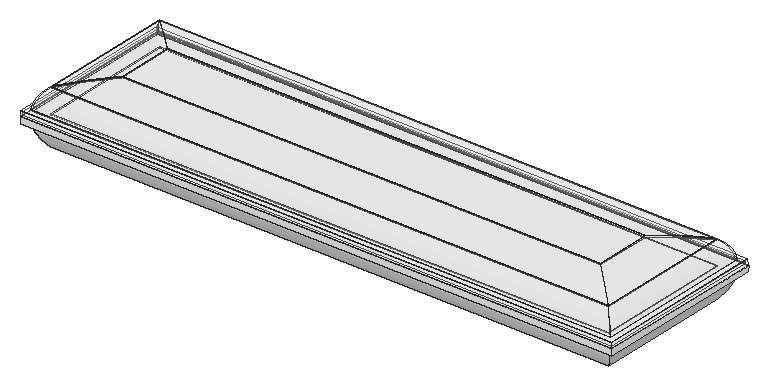
Revit family "LXEW", category Lighting Fixtures, host Face, Revit 2021
Family settings
  Host = Face
  Round Connector Dimension = Use Diameter
  Part Type = Normal
  OmniClass Number = 23.80.70.11
  OmniClass Title = Luminaries for Internal Lighting
  Cut with Voids When Loaded = No
  Light Source = Yes
  Shared = Yes
  Room Calculation Point = No
Parameters (values of type "LXEW4-40H-N-FA-EU")
  Nominal Watts = 225 W
  Wattage = 225 W
  built-in parameter 1150110 = 1 (stored number, unit not read)
  Voltage = 120 V
  Wattage Comments = ""
  URL = "https://www.currentlighting.com/columbia"
  built-in parameter 1114217 = 1 (stored number, unit not read)
  Tilt Angle = -90.00°
  built-in parameter 1150109 = 1 (stored number, unit not read)
  built-in parameter 1150134 = 12
  built-in parameter 1150113 = 1 (stored number, unit not read)
  Product Page URL = ""
  Product Documentation Link = ""
  Photometric Web File = "LXEW4-40H-N-FA-EU.ies"
  Model = "LXEW"  # constant formula
  Manufacturer = "Columbia Lighting"  # constant formula
  Row Length = 4.00 ft
  built-in parameter 1150105 = 1772.6 (stored number, unit not read)
  Lumens = 22275 lm
  built-in parameter 1150115 = 1 (stored number, unit not read)
  Lumen Output = "High Lumen"
  built-in parameter 1150137 = (empty or 0)
  built-in parameter 1150139 = (empty or 0)
  Lens = "Frost Impact Resistant Acrylic (std.)"
  built-in parameter 1150112 = 1 (stored number, unit not read)
  built-in parameter 1150114 = 1 (stored number, unit not read)
  Lamp = "LED Lamp"
  built-in parameter 1150132 = (empty or 0)
  built-in parameter 1150102 = (empty or 0)
  built-in parameter 1150107 = 4000 (stored number, unit not read)
  built-in parameter 1150138 = (empty or 0)
  built-in parameter 1150106 = 17.726 (stored number, unit not read)
  Glass = White Glass
  Emit from Line Length = 2.00 ft
  built-in parameter 1150104 = 9.1974 (stored number, unit not read)
  Driver = "Fixed Output"
  Distribution = "Narrow Distribution"
  Dimming Lamp Color Temperature Shift = <None>
  Description = "LXEW Wide-Body Enclosed and Gasketed is as practical as it is flexible with high efficacy LED for low maintenance and energy savings"  # constant formula
  Default Elevation = 4.00 ft
  Color Filter = 16777215
  built-in parameter 1114218 = 1 (stored number, unit not read)
  Backbox = White
  built-in parameter 1150133 = 10 (stored number, unit not read)
  Apparent Load = 0 VA
Types (3, lengths in ft): name | Photometric Web File | Distribution
  (no name) | "LXEW4-40H-N-FA-EU.ies" | "Narrow Distribution"
  LXEW4-40H-N-FA-EU | "LXEW4-40H-N-FA-EU.ies" | "Narrow Distribution"
  LXEW4-40H-W-FA-EU | "LXEW4-40H-W-FA-EU.ies" | "Wide Distribution"
Reference planes (ft)
  plane 1 "Center (Front/Back)": y = 0.003333
  plane 2: z = 0
  plane 3 "Center (Left/Right)": x = 0.13912
  plane 4: x = -1.86088
  plane 5: x = 2.13912
Dimensions and locks (ft)
  equal spacing: plane 5, plane 3 "Center (Left/Right)", plane 4
  "Row Length": plane 5 to plane 4
  aligned and locked: plane 2 to host face
  aligned and locked: level to host face
  aligned and locked: plane 3 "Center (Left/Right)" to nested 1
  aligned and locked: plane 4 to nested 1
  aligned and locked: plane 5 to nested 1
  aligned and locked: plane 1 "Center (Front/Back)" to nested 1
  aligned and locked: imposter light to nested 1
  aligned and locked: imposter light to plane 1 "Center (Front/Back)"
  aligned and locked: plane 3 "Center (Left/Right)" to imposter light
Automatic sketch dimensions
  host sketch curve to host sketch curve = 8.00 ft  (x2)
Nested families (ft)
  nested 1: "Industrial Enclosed & Gasketed LED High Bay" at (0.309759, 0, 0), Row Length <- "Row Length", Glass <- "Glass", Backbox <- "Backbox", type "Industrial Enclosed & Gasketed LED High Bay"
    with Row Length 4.00 ft, Glass White Glass, Backbox White
Connectors (ft)
  electrical at (0.13912, 0.003333, 0), driven by "Voltage", driven by "Description"
    settings: on nested 1, index 1, voltage 120 V, apparent load 0 VA, apparent load phase1 0 VA, apparent load phase2 0 VA, apparent load phase3 0 VA, power factor 1, load classification "Other", number of poles 1, system type 30, power factor state 1, is connector primary yes, connector utility no, sub classification motor no, connector description "LXEW Wide-Body Enclosed and Gasketed is as practical as it is flexible with high efficacy LED for low maintenance and energy savings"
Definition of nested family "Industrial Enclosed & Gasketed LED High Bay"
  Parameters
    Wattage Comments = ""
    URL = ""
    Row Length [instance] = 4.00 ft
    Product Page URL = ""
    Product Documentation Link = ""
    Model = ""
    Manufacturer Phone = "(864)-678-1000"  # constant formula
    Manufacturer Fax = "(866)-898-1065"  # constant formula
    Manufacturer = ""
    Lamp = ""
    Glass [instance] = none
    Description = ""
    Default Elevation = 4.00 ft
    Backbox [instance] = none
  Reference planes (ft)
    plane 1 "Center (Front/Back)": y = 0.003333
    plane 2: z = 0
    plane 3 "Center (Left/Right)": x = -0.170639
    plane 4: x = -2.337306
    plane 5: x = 1.996027
    plane 6: y = 0.628333
    plane 7: y = -0.621667
    plane 8: z = 0.5
    plane 9: z = 0.270833
    plane 10: y = 0.586666
    plane 11: y = -0.580001
    plane 12: y = 0.503333
    plane 13: y = -0.496667
    plane 14: x = -2.170639
    plane 15: x = 1.829361
    plane 16: z = 0.458333
    plane 17: z = 0.3125
    plane 18: y = 0.211666
    plane 19: z = 0.491667
    plane 20: z = 0.0625
    plane 21: y = -0.205001
    plane 22: z = 0.229167
  Forms (ft)
    Extrusion 1, solid
      sketch origin (0, 0, 0.005297) x (1, 0, 0) y (0, 1, 0)
        loop
          line (-4, 4) -> (-4, -4) -> (4, -4) -> (4, 4) -> (-4, 4)
      from -0.005297 to -1.478638
    Sweep 2, solid, material <- "Glass"
      path origin (0, 1.902299, 0.270833) x (0, 1, 0) y (-1, 0, 0)
        loop
          line (-1.273966, 2.337306) -> (-2.523966, 2.337306) -> (-2.523966, -1.996027) -> (-1.273966, -1.996027) -> (-1.273966, 2.337306)
      profile origin (-0.170639, 0.628333, 0.270833) x (0, 1, 0) y (0, 0, 1)
        loop
          line (0, 0) -> (0, 0.041667) -> (-0.041667, 0.041667)
          arc (-0.041667, 0.041667) -> (-0.068072, 0.123304) -> (-0.125, 0.1875) r 0.209421
          arc (-0.125, 0.1875) -> (-0.269717, 0.216026) -> (-0.416667, 0.228782) r 1.366082
          line (-0.416667, 0.228782) -> (-0.416667, 0.220445)
          arc (-0.416667, 0.220445) -> (-0.26984, 0.207626) -> (-0.125267, 0.178969) r 1.357749
          arc (-0.125267, 0.178969) -> (-0.072265, 0.114134) -> (-0.050268, 0.033333) r 0.201087
          line (-0.050268, 0.033333) -> (-0.008333, 0.033333) -> (-0.008333, 0.008333) -> (-0.125, 0.008333) -> (-0.125, 0) -> (0, 0)
    Extrusion 3, solid, material <- "Glass"
      sketch origin (0, 1.902299, 0.270833) x (0, 1, 0) y (-1, 0, 0)
        loop
          line (-1.690633, 1.920639) -> (-2.1073, 1.920639) -> (-2.1073, -1.579361) -> (-1.690633, -1.579361) -> (-1.690633, 1.920639)
      from 0.220445 to 0.228782
    Sweep 4, solid, material <- "Backbox"
      path origin (0, 1.902299, 0.270833) x (0, 1, 0) y (-1, 0, 0)
        loop
          line (-1.273966, 2.337306) -> (-2.523966, 2.337306) -> (-2.523966, -1.996027) -> (-1.273966, -1.996027) -> (-1.273966, 2.337306)
      profile origin (-0.170639, 0.628333, 0.270833) x (0, 1, 0) y (0, 0, 1)
        loop
          line (0, 0) -> (-0.416667, 0) -> (-0.416667, -0.270833)
          arc (-0.416667, -0.270833) -> (-0.267222, -0.256438) -> (-0.125, -0.208333) r 0.653863
          arc (-0.125, -0.208333) -> (-0.070945, -0.131194) -> (-0.041667, -0.041667) r 0.320294
          line (-0.041667, -0.041667) -> (0, -0.041667) -> (0, 0)
    Extrusion 5, solid, material <- "Backbox"
      sketch origin (0, 1.902299, 0.270833) x (0, 1, 0) y (-1, 0, 0)
        loop
          line (-1.690633, 1.920639) -> (-2.1073, 1.920639) -> (-2.1073, -1.579361) -> (-1.690633, -1.579361) -> (-1.690633, 1.920639)
      from -0.270833 to 0
  Cuts and joins
    joined: Sweep 2, Extrusion 3
    joined: Sweep 4, Extrusion 5
  Dimensions and locks (ft)
    equal spacing: plane 5, plane 3 "Center (Left/Right)", plane 4
    equal spacing: plane 6, plane 1 "Center (Front/Back)", plane 7
    locked: plane 6 to plane 7 at 1.25
    locked: plane 9 to plane 2 at 0.270833
    locked: plane 8 to plane 2 at 0.5
    equal spacing: plane 10, plane 1 "Center (Front/Back)", plane 11
    locked: plane 6 to plane 10 at 0.041667
    locked: plane 10 to plane 12 at 0.083333
    equal spacing: plane 12, plane 1 "Center (Front/Back)", plane 13
    locked: plane 14 to plane 4 at 0.166667
    equal spacing: plane 15, plane 3 "Center (Left/Right)", plane 14
    locked: plane 17 to plane 9 at 0.041667
    locked: plane 8 to plane 16 at 0.041667
    locked: plane 18 to plane 1 "Center (Front/Back)" at 0.208333
    locked: plane 10 to Sweep 2 sketch curve at 0.0836
    locked: plane 17 to Sweep 2 sketch curve at 0.008333
    locked: plane 10 to Sweep 2 sketch curve at 0.008601
    locked: profile plane to Sweep 2 sketch curve at 0.008333
    locked: Sweep 2 sketch curve to profile plane at 0.008333
    locked: plane 8 to plane 19 at 0.008333
    locked: plane 20 to level at 0.0625
    equal spacing: plane 21, plane 1 "Center (Front/Back)", plane 18
    locked: plane 9 to plane 22 at 0.041667
    "Row Length": plane 15 to plane 14
    aligned and locked: plane 2 to Extrusion 1
    aligned and locked: level to Extrusion 1
    aligned and locked: plane 6 to Sweep 2 sketch curve  (x2)
    aligned and locked: plane 4 to Sweep 2 sketch curve
    aligned and locked: Sweep 2 sketch curve to plane 7
    aligned and locked: Sweep 2 sketch curve to plane 5
    aligned and locked: Sweep 2 sketch curve to plane 18
    aligned and locked: plane 9 to Sweep 2 sketch curve
    aligned and locked: Sweep 2 sketch curve to plane 17
    aligned and locked: plane 10 to Sweep 2 sketch curve
    aligned and locked: plane 16 to Sweep 2 sketch curve
    aligned and locked: plane 12 to Sweep 2 sketch curve
    aligned and locked: plane 17 to Sweep 2 sketch curve
    aligned and locked: plane 18 to Sweep 2 sketch curve
    aligned and locked: Sweep 2 sketch curve to plane 12
    aligned and locked: Extrusion 3 sketch curve to Sweep 2  (x4)
    aligned and locked: Extrusion 3 to Sweep 2  (x2)
    aligned and locked: Sweep 4 sketch curve to cut or joined group of Sweep 2, Extrusion 3  (x4)
    aligned and locked: Sweep 4 sketch curve to profile plane  (x2)
    aligned and locked: Sweep 4 sketch curve to plane 22
    aligned and locked: plane 10 to Sweep 4 sketch curve
    aligned and locked: plane 22 to Sweep 4 sketch curve
    aligned and locked: plane 12 to Sweep 4 sketch curve
    aligned and locked: plane 20 to Sweep 4 sketch curve
    aligned and locked: plane 18 to Sweep 4 sketch curve
    aligned and locked: Sweep 4 sketch curve to plane 18
    aligned and locked: Extrusion 5 sketch curve to cut or joined group of Sweep 2, Extrusion 3  (x4)
    aligned and locked: Extrusion 5 to level
    aligned and locked: plane 9 to Extrusion 5
  Automatic sketch dimensions
    Extrusion 1 sketch curve to Extrusion 1 sketch curve = 8.00 ft  (x2)
    Sweep 2 sketch curve to Sweep 2 sketch curve = 0.00 ft  (x2)
    profile plane to Sweep 2 sketch curve = 0.461164 ft
    plane 9 to Sweep 2 sketch curve = 0.02207 ft
    Sweep 2 sketch curve to Sweep 2 sketch curve = 0.125773 ft
    Sweep 2 sketch curve to Sweep 2 sketch curve = 0.001139 ft
    Sweep 2 sketch curve to plane 9 = 1.136575 ft
    plane 9 to Sweep 4 sketch curve = 0.012046 ft
    Sweep 4 sketch curve to Sweep 4 sketch curve = 0.0468 ft
    Sweep 4 sketch curve to Sweep 4 sketch curve = 0.270833 ft
